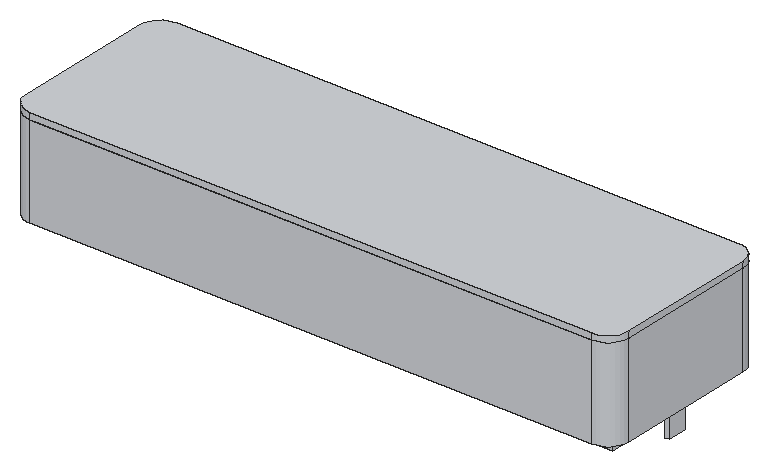
Revit family "UP-EB-Dose 1f Gira E22", category Electrical Fixtures, host Face, Revit 2017
Family settings
  Host = Face
  Maintain Annotation Orientation = No
  Round Connector Dimension = Use Diameter
  Part Type = Normal
  Cut with Voids When Loaded = No
  Shared = No
  Room Calculation Point = No
Parameters (values of type "UP-EB-Dose 1f Gira E22")
  Verfügbar = "Ja"
  URL = "http://katalog.gira.de/de_DE/datenblatt.html?artikelnr=289100"
  Region = "DE"
  Name = "UP-EB-Dose 1f Gira E22"
  Manufacturer URL = "https://www.gira.de/"
  Kategorie = "Ersatzteil für Installationsschalterprogramme"
  Manufacturer = "Gira"
  HeinzeBIM = "https://bimportal.heinze.de/bim/up-eb-dose-1f-gira-e22/74e2fcaa4704373bd836d6646dbbd73a7b836758"
  HAN = "289100"
  GTIN = "4010337049784"
  Description = "Unterputz-Einbaudose Gira E2, Gira E22  1fach Merkmale: - Mauerwerkmontage durch Befestigung der Unterputz-Einbaudose, z. B. fixieren mit Gips. Montage der Gerätedose in der Unterputz-Einbaudose wie bei einer marktüblichen Hohlwanddose."
  Keynote = "UP-EB-Dose_4fach"
  Default Elevation = 1219.2 mm
  Data sheet (1) = "https://katalog.gira.de/de_DE/download.html?artikelnr=289100"
  Category = "Ersatzteil für Installationsschalterprogramme"
  BIM (1) = "https://media.live.bim.site/public/gira/9fde4c0/UP-EB-Dose_4fach.rfa"
  Available = "Yes"
Reference planes
  plane 1 "Center (Front/Back)": y = 0
  plane 2: z = 0
  plane 3 "Center (Left/Right)": x = 0
Forms (mm)
  Extrusion 1, solid, detail levels fine
    sketch origin (0, 0, 0) x (1, 0, 0) y (0, 1, 0)
      loop
        arc (-142, 46.25) -> (-149.248, 43.248) -> (-152.25, 36) r 10.25
        line (-152.25, 36) -> (-152.25, -36)
        arc (-152.25, -36) -> (-149.248, -43.248) -> (-142, -46.25) r 10.25
        line (-142, -46.25) -> (142, -46.25)
        arc (142, -46.25) -> (149.248, -43.248) -> (152.25, -36) r 10.25
        line (152.25, -36) -> (152.25, 36)
        arc (152.25, 36) -> (149.248, 43.248) -> (142, 46.25) r 10.25
        line (142, 46.25) -> (-142, 46.25)
    from 47 to 50
  Extrusion 2, solid, detail levels fine
    sketch origin (0, 0, 0) x (1, 0, 0) y (0, 1, 0)
      loop
        arc (-142, 46.25) -> (-149.248, 43.248) -> (-152.25, 36) r 10.25
        line (-152.25, 36) -> (-152.25, -36)
        arc (-152.25, -36) -> (-149.248, -43.248) -> (-142, -46.25) r 10.25
        line (-142, -46.25) -> (142, -46.25)
        arc (142, -46.25) -> (149.248, -43.248) -> (152.25, -36) r 10.25
        line (152.25, -36) -> (152.25, 36)
        arc (152.25, 36) -> (149.248, 43.248) -> (142, 46.25) r 10.25
        line (142, 46.25) -> (-142, 46.25)
      loop
        arc (-150.75, -36) -> (-149.959, -39.636) -> (-147.727, -42.615) r 8.75
        line (-147.727, -42.615) -> (147.727, -42.615)
        arc (147.727, -42.615) -> (149.959, -39.636) -> (150.75, -36) r 8.75
        line (150.75, -36) -> (150.75, 36)
        arc (150.75, 36) -> (149.959, 39.636) -> (147.727, 42.615) r 8.75
        line (147.727, 42.615) -> (-147.727, 42.615)
        arc (-147.727, 42.615) -> (-149.959, 39.636) -> (-150.75, 36) r 8.75
        line (-150.75, 36) -> (-150.75, -36)
    from 0 to 47
  Extrusion 3, solid, detail levels fine
    sketch origin (0, 0, 0) x (1, 0, 0) y (0, 1, 0)
      loop
        line (-147, -39.766) -> (147, -39.766) -> (147, 39.75) -> (-147, 39.75) -> (-147, -39.766)
      loop
        line (144.5, -37.75) -> (144.5, 37.75) -> (-144.5, 37.75) -> (-144.5, -37.75) -> (144.5, -37.75)
    from -4.1 to 0
  Extrusion 4, solid, detail levels fine
    sketch origin (0, 0, 0) x (1, 0, 0) y (0, 1, 0)
      loop
        line (147, 39.75) -> (-147, 39.75) -> (-147, -39.766) -> (147, -39.766) -> (147, 39.75)
      loop
        arc (147.727, -42.615) -> (149.959, -39.636) -> (150.75, -36) r 8.75
        line (150.75, -36) -> (150.75, 36)
        arc (150.75, 36) -> (149.959, 39.636) -> (147.727, 42.615) r 8.75
        line (147.727, 42.615) -> (-147.727, 42.615)
        arc (-147.727, 42.615) -> (-149.959, 39.636) -> (-150.75, 36) r 8.75
        line (-150.75, 36) -> (-150.75, -36)
        arc (-150.75, -36) -> (-149.959, -39.636) -> (-147.727, -42.615) r 8.75
        line (-147.727, -42.615) -> (147.727, -42.615)
    from 0 to 2
  Extrusion 5, solid, detail levels medium+fine
    sketch origin (0, 0, 0) x (1, 0, 0) y (0, 1, 0)
      loop
        line (145.5, -4.939) -> (148, -4.939) -> (148, 4.939) -> (145.5, 4.939) -> (145.5, -4.939)
      loop
        line (-145.5, -4.939) -> (-145.5, 4.939) -> (-148, 4.939) -> (-148, -4.939) -> (-145.5, -4.939)
    from -14.039 to 0
  Extrusion 6, solid, detail levels medium
    sketch origin (0, 0, 0) x (1, 0, 0) y (0, 1, 0)
      loop
        line (-152.25, 46.25) -> (-152.25, -46.25) -> (152.25, -46.25) -> (152.25, 46.25) -> (-152.25, 46.25)
    from 0 to 50
  Extrusion 7, solid, detail levels medium
    sketch origin (0, 0, 0) x (1, 0, 0) y (0, 1, 0)
      loop
        line (-147, -39.766) -> (147, -39.766) -> (147, 39.75) -> (-147, 39.75) -> (-147, -39.766)
    from -4.1 to 0
  Extrusion 8, solid, detail levels coarse
    sketch origin (0, 0, 0) x (1, 0, 0) y (0, 1, 0)
      loop
        line (-152.25, 46.25) -> (-152.25, -46.25) -> (152.25, -46.25) -> (152.25, 46.25) -> (-152.25, 46.25)
    from -14.039 to 50
Dimensions and locks
  aligned and locked: plane 2 to host face
  aligned and locked: level to host face
